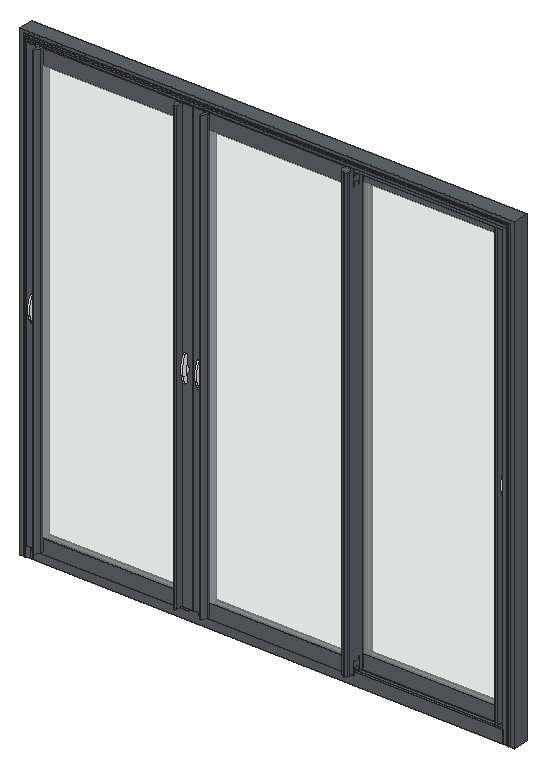
Revit family "Wicslide_65_Glass24_3_leaf_2_track_dependent", category Doors, host Wall, Revit 2014 (continued)
Definition of nested family "Leaf_Wicslide_65_2_leaf_2_track_both_sliding_or_1_fixed_1slide_right"
  Automatic sketch dimensions
    Sweep 1 sketch curve to profile plane = 8.519 mm  (x2)
    Sweep 1 sketch curve to profile plane = 12.6 mm
    Sweep 1 sketch curve to Sweep 1 sketch curve = 6.117 mm
    profile plane to Sweep 1 sketch curve = 12.117 mm
    profile plane to Sweep 1 sketch curve = 12.6 mm
    Sweep 1 sketch curve to Sweep 1 sketch curve = 5.4 mm
    Extrusion 2 sketch curve to plane 6 = 0 mm
    Extrusion 2 sketch curve to plane 7 = 0 mm
    Extrusion 2 sketch curve to plane 9 = 0 mm
    Extrusion 2 sketch curve to plane 8 = 0 mm
    Sweep 3 sketch curve to level = 0 mm
    plane 17 to Sweep 3 sketch curve = 15.663 mm
    profile plane to Sweep 3 sketch curve = 5.306 mm  (x2)
    Sweep 3 sketch curve to plane 18 = 21.6 mm
    plane 18 to Sweep 3 sketch curve = 0.034 mm
    plane 18 to Sweep 3 sketch curve = 12.094 mm
    Sweep 3 sketch curve to Sweep 3 sketch curve = 12.06 mm
    Sweep 3 sketch curve to plane 1 "Center (Front/Back)" = 16.029 mm
    Sweep 3 sketch curve to Sweep 3 sketch curve = 3.512 mm
    Sweep 3 sketch curve to plane 1 "Center (Front/Back)" = 11.883 mm
    plane 1 "Center (Front/Back)" to Sweep 3 sketch curve = 12.117 mm
    plane 1 "Center (Front/Back)" to Sweep 3 sketch curve = 12.671 mm
    Sweep 3 sketch curve to Sweep 3 sketch curve = 4.054 mm
    Sweep 4 sketch curve to plane 4 = 0 mm
    Sweep 4 sketch curve to profile plane = 0 mm
    Sweep 4 sketch curve to plane 1 "Center (Front/Back)" = 18 mm
    Sweep 4 sketch curve to Sweep 4 sketch curve = 5.883 mm
    plane 1 "Center (Front/Back)" to Sweep 4 sketch curve = 11.883 mm
    Sweep 4 sketch curve to Sweep 4 sketch curve = 6.117 mm
    Sweep 4 sketch curve to Sweep 4 sketch curve = 9.453 mm
    profile plane to Sweep 4 sketch curve = 7.023 mm
    Sweep 4 sketch curve to Sweep 4 sketch curve = 12.003 mm  (x2)
    Sweep 4 sketch curve to profile plane = 18.975 mm
    Sweep 5 sketch curve to plane 3 "Center (Left/Right)" = 0 mm
    Sweep 5 sketch curve to plane 1 "Center (Front/Back)" = 18 mm
    profile plane to Sweep 5 sketch curve = 58.1 mm
    Sweep 5 sketch curve to Sweep 5 sketch curve = 10.918 mm
    Sweep 5 sketch curve to Sweep 5 sketch curve = 3.31 mm
    Sweep 5 sketch curve to Sweep 5 sketch curve = 1.085 mm  (x2)
    Sweep 5 sketch curve to Sweep 5 sketch curve = 1.687 mm
    profile plane to Sweep 5 sketch curve = 13.004 mm
    Sweep 5 sketch curve to Sweep 5 sketch curve = 0.954 mm
    Sweep 5 sketch curve to profile plane = 9.9 mm  (x2)
    Sweep 5 sketch curve to plane 1 "Center (Front/Back)" = 12.6 mm
    plane 1 "Center (Front/Back)" to Sweep 5 sketch curve = 12.6 mm
    Sweep 5 sketch curve to Sweep 5 sketch curve = 5.4 mm
    Sweep 5 sketch curve to Sweep 5 sketch curve = 9.59 mm
    Sweep 5 sketch curve to Sweep 5 sketch curve = 9 mm  (x2)
    Sweep 6 sketch curve to plane 3 "Center (Left/Right)" = 0 mm
    Sweep 6 sketch curve to plane 1 "Center (Front/Back)" = 18 mm
    profile plane to Sweep 6 sketch curve = 58.1 mm
    Sweep 6 sketch curve to Sweep 6 sketch curve = 0 mm
    Sweep 6 sketch curve to Sweep 6 sketch curve = 12 mm
    profile plane to Sweep 6 sketch curve = 12.05 mm
    profile plane to Sweep 6 sketch curve = 6.1 mm
    Sweep 6 sketch curve to profile plane = 9.9 mm  (x2)
    Sweep 6 sketch curve to Sweep 6 sketch curve = 5.4 mm  (x2)
    Sweep 6 sketch curve to Sweep 6 sketch curve = 6.117 mm
    plane 1 "Center (Front/Back)" to Sweep 6 sketch curve = 12.117 mm
    plane 1 "Center (Front/Back)" to Sweep 6 sketch curve = 12.6 mm
    Sweep 6 sketch curve to Sweep 6 sketch curve = 25.883 mm
    Sweep 7 sketch curve to plane 3 "Center (Left/Right)" = 0 mm
    profile plane to Sweep 7 sketch curve = 58.1 mm
    Sweep 7 sketch curve to Sweep 7 sketch curve = 0 mm
    Sweep 7 sketch curve to Sweep 7 sketch curve = 11.964 mm
    profile plane to Sweep 7 sketch curve = 12.05 mm
    Sweep 7 sketch curve to profile plane = 9.9 mm  (x2)
    Sweep 7 sketch curve to plane 1 "Center (Front/Back)" = 18 mm
    Sweep 7 sketch curve to Sweep 7 sketch curve = 5.4 mm
    Sweep 7 sketch curve to plane 1 "Center (Front/Back)" = 11.883 mm
    plane 1 "Center (Front/Back)" to Sweep 7 sketch curve = 12.117 mm
    plane 1 "Center (Front/Back)" to Sweep 7 sketch curve = 12.6 mm
    Sweep 7 sketch curve to Sweep 7 sketch curve = 28.4 mm
    Sweep 8 sketch curve to plane 4 = 0 mm
    Sweep 8 sketch curve to profile plane = 0 mm
    profile plane to Sweep 8 sketch curve = 7.45 mm
    Sweep 8 sketch curve to Sweep 8 sketch curve = 5.685 mm
    Sweep 8 sketch curve to Sweep 8 sketch curve = 1.859 mm
    Sweep 8 sketch curve to Sweep 8 sketch curve = 2.985 mm
    profile plane to Sweep 8 sketch curve = 18.975 mm
    Sweep 8 sketch curve to plane 1 "Center (Front/Back)" = 12.015 mm
    Sweep 8 sketch curve to Sweep 8 sketch curve = 10.729 mm
    Sweep 8 sketch curve to profile plane = 7 mm
    Sweep 8 sketch curve to Sweep 8 sketch curve = 12.026 mm  (x2)
    Sweep 8 sketch curve to plane 1 "Center (Front/Back)" = 12.117 mm
    Sweep 8 sketch curve to Sweep 8 sketch curve = 14.623 mm
    Sweep 8 sketch curve to Sweep 8 sketch curve = 20.253 mm
    Sweep 8 sketch curve to Sweep 8 sketch curve = 8.11 mm
    Sweep 8 sketch curve to Sweep 8 sketch curve = 1.002 mm
    plane 1 "Center (Front/Back)" to Sweep 8 sketch curve = 11.883 mm
    Sweep 8 sketch curve to Sweep 8 sketch curve = 6.117 mm
    Sweep 8 sketch curve to Sweep 8 sketch curve = 9.453 mm
    Sweep 9 sketch curve to plane 4 = 0 mm
    Sweep 9 sketch curve to profile plane = 0 mm
    profile plane to Sweep 9 sketch curve = 18.975 mm
    Sweep 9 sketch curve to profile plane = 7.023 mm
    Sweep 9 sketch curve to profile plane = 19.026 mm
    Sweep 9 sketch curve to Sweep 9 sketch curve = 12.003 mm
    Sweep 9 sketch curve to plane 1 "Center (Front/Back)" = 52.8 mm
    Sweep 9 sketch curve to plane 1 "Center (Front/Back)" = 12.117 mm
    plane 1 "Center (Front/Back)" to Sweep 9 sketch curve = 11.883 mm
    Sweep 9 sketch curve to Sweep 9 sketch curve = 6.117 mm
    Sweep 9 sketch curve to Sweep 9 sketch curve = 9.453 mm
    Sweep 10 sketch curve to plane 5 = 0 mm
    plane 20 to Sweep 10 sketch curve = 7.95 mm
    plane 17 to Sweep 10 sketch curve = 15.663 mm
    Sweep 10 sketch curve to plane 1 "Center (Front/Back)" = 16.171 mm
    profile plane to Sweep 10 sketch curve = 57.541 mm
    Sweep 10 sketch curve to Sweep 10 sketch curve = 0 mm
    Sweep 10 sketch curve to Sweep 10 sketch curve = 16.102 mm
    profile plane to Sweep 10 sketch curve = 19.5 mm
    Sweep 10 sketch curve to profile plane = 10.5 mm  (x2)
    Sweep 10 sketch curve to plane 1 "Center (Front/Back)" = 12.671 mm
    Sweep 10 sketch curve to Sweep 10 sketch curve = 4.208 mm
    plane 1 "Center (Front/Back)" to Sweep 10 sketch curve = 12.037 mm
    plane 1 "Center (Front/Back)" to Sweep 10 sketch curve = 12.529 mm
    Sweep 10 sketch curve to Sweep 10 sketch curve = 3.5 mm
    plane 7 to Extrusion 11 sketch curve = 0 mm
    plane 12 to Extrusion 11 sketch curve = 0 mm
    plane 13 to Extrusion 11 sketch curve = 0 mm
    plane 17 to Extrusion 11 sketch curve = 21.502 mm
    plane 7 to Extrusion 12 sketch curve = 0 mm
    plane 12 to Extrusion 12 sketch curve = 0 mm
    plane 13 to Extrusion 12 sketch curve = 0 mm
    plane 17 to Extrusion 12 sketch curve = 25.791 mm
  Nested families
    nested 1: "window_2_pieces_glass_line" at (46.1, -12.117, 0), type "T24"
      with built-in parameter 1001306 2.7654 (stored number, unit not read)
    nested 2: "window_2_pieces_glass_line" at (0, -12.117, 1875.4) x (0, 0, -1) z (1, 0, 0), type "T24"
      with built-in parameter 1001306 6 (stored number, unit not read)
    nested 3: "Sash Verticals_1041260" at (-9.9, 18, 0), visible <- "Sash 1041260", type "Sash Verticals_1041260"
    nested 4: "Sash_horizontal_1041264" at (0, 0, 0) x (0, 1, 0) z (1, 0, 0), type "Sash_horizontal_1041264"
    nested 5: "Sash Verticals_1041261" at (-9.9, 18, 0), visible <- "Sash 1041261", type "Sash Verticals_1041261"
    nested 6: "Sash Verticals_1041262" at (-9.9, 18, 0), visible <- "Sash 1041262", type "Sash Verticals_1041262"
    nested 7: "Sash Verticals_1041263" at (-9.9, 18, 0), visible <- "Sash 1041263", type "Sash Verticals_1041263"
    nested 8: "Sash_lock" at (-9.884, 18, 0), type "Sash_lock"
    nested 9: "wicona_handle_2" at (20, -41, 956.633) x (-1, 0, 0) z (0, 0, 1), type "wicona_handle_2", detail levels medium+fine
    nested 10: "Sash_horizontal_1041264" at (0, 0, 1927.194) x (0, -1, 0) z (1, 0, 0), type "Sash_horizontal_1041264"
    nested 11: "Sash meeting 3041240" at (896, -18, 0), visible <- "Sash meeting 3041240", type "Sash meeting 3041240"
    nested 12: "Sash meeting_3041242" at (896, -18, 0), visible <- "Sash meeting 3041242", type "Sash meeting_3041242"
    nested 13: "Sash meeting_3041241" at (896, -18, 0), visible <- "Sash meeting 3041241", type "Sash meeting_3041241"
    nested 14: "wicona_handle_2d" at (20, -41, 0), type "wicona_handle_2d"
  Definition of nested family "wicona_handle_2"
    Parameters (values of type "wicona_handle_2")
      Leaf Thickness = 119.445 mm
      Handle Material = Aluminium
    Reference planes
      plane 1 "Center (Front/Back)": y = 0
      plane 2: z = 0
      plane 3 "Center (Left/Right)": x = 0
      plane 4: x = -12.5
      plane 5: x = 12.5
      plane 6: y = -25
    Forms (mm)
      Extrusion 1, solid, material "Aluminium" <- "Handle Material"
        sketch origin (0, 0, 0) x (1, 0, 0) y (0, 0, 1)
          loop
            line (0, 24.936) -> (0, -24.936)
            arc (0, -24.936) -> (9.865, 0) -> (0, 24.936) r 36.45
        from 0 to 7.131
      Extrusion 2, solid, material "Aluminium" <- "Handle Material"
        sketch origin (0, 0, 0) x (0, 1, 0) y (0, 0, 1)
          loop
            line (0, 61.209) -> (-11.38, 61.209)
            arc (-11.38, 61.209) -> (-25.13, 4.31) -> (-11.38, -52.589) r 124.599
            line (-11.38, -52.589) -> (0, -52.589) -> (0, 61.209)
        from -4.798 to 4.287
      Extrusion 3, solid, material "Aluminium" <- "Handle Material"
        sketch origin (-0.471, 0, 3.281) x (0.788011, 0, 0.615661) y (-0.615661, 0, 0.788011)
          loop
            line (-12.5, 3.457) -> (-12.5, -1.543) -> (2.5, -1.543) -> (2.5, 3.457) -> (-12.5, 3.457)
        from 0 to 7.131
    Dimensions and locks
      aligned and locked: level to plane 2
  Definition of nested family "window_2_pieces_glass_line"
    Parameters (values of type "T24")
      v1 = 5 mm
      line = 10 mm
      built-in parameter 1001306 [instance] = 1200 mm
      Glass Thickness = 24 mm
    Reference planes
      plane 1 "Center (Front/Back)": y = 0
      plane 2: z = 0
      plane 3 "Left": x = 0
      plane 4 "Right": x = 1200
      plane 5: y = 24
      plane 6: y = 5
      plane 7: y = 19
      plane 8: x = 10
      plane 9: x = 1190
    Lines and regions (mm)
      reference lines, in view "Ref. Level"
        curve 1: line (0, 0, 0) -> (1200, 0, 0)
      detail lines, in view "Ref. Level", detail levels medium+fine
        curve 2: line (0, 24, 0) -> (1200, 24, 0)
        curve 3: line (0, 0, 0) -> (1200, 0, 0)
      detail lines, in view "Ref. Level", detail levels fine
        curve 4: line (0, 19, 0) -> (1200, 19, 0)
        curve 5: line (0, 5, 0) -> (1200, 5, 0)
      model lines, style "DetailComponents", in view "Ref. Level", detail levels fine
        curve 6: line (10, 19, 0) -> (10, 5, 0)
      detail lines, style "DetailComponents", in view "Ref. Level", detail levels fine
        curve 7: line (1190, 19, 0) -> (1190, 5, 0)
      model lines, style "DetailComponents", in view "Ref. Level", detail levels medium+fine
        curve 8: line (1200, 24, 0) -> (1200, 0, 0)
      detail lines, style "DetailComponents", in view "Ref. Level", detail levels medium+fine
        curve 9: line (0, 24, 0) -> (0, 0, 0)
    Dimensions and locks
      "built-in parameter 1001306": plane 3 "Left" to plane 4 "Right"
      "Glass Thickness": plane 5 to plane 1 "Center (Front/Back)"
      plane 5 to plane 1 "Center (Front/Back)" = 24 mm
      "v1": plane 5 to plane 7
      "v1": plane 6 to plane 1 "Center (Front/Back)"
      "line": plane 3 "Left" to plane 8
      "line": plane 9 to plane 4 "Right"
      aligned and locked: plane 1 "Center (Front/Back)" to curve 1
      aligned and locked: plane 3 "Left" to curve 1
      aligned and locked: plane 4 "Right" to curve 1
      aligned and locked: plane 5 to curve 2
      aligned and locked: plane 7 to curve 4
      aligned and locked: plane 6 to curve 5
      aligned and locked: curve 5 to curve 6
      aligned and locked: curve 6 to plane 8
      aligned and locked: curve 5 to curve 7
      aligned and locked: curve 7 to plane 9
      aligned and locked: plane 1 "Center (Front/Back)" to curve 9
      aligned and locked: curve 9 to plane 3 "Left"
      aligned and locked: curve 2 to curve 8
      aligned and locked: curve 3 to curve 8
      aligned and locked: curve 8 to plane 4 "Right"
      aligned and locked: curve 4 to curve 7
      aligned and locked: curve 4 to curve 6
    Automatic sketch dimensions
      curve 5 to plane 4 "Right" = 0 mm
      curve 4 to plane 4 "Right" = 0 mm
      curve 3 to plane 4 "Right" = 0 mm
      curve 2 to plane 4 "Right" = 0 mm
  Definition of nested family "Sash Verticals_1041260"
    Reference planes
      plane 1 "Center (Front/Back)": y = 0
      plane 2: z = 0
      plane 3 "Center (Left/Right)": x = 0
      plane 4: y = -36
      plane 5: y = -18
    Lines and regions (mm)
      Filled region 1, type "Concrete", in view "Ref. Level", detail levels medium
        outline origin (18.997, 3.58, 0) x (1, 0, 0) y (0, 1, 0)
          loop
            line (-18.997, -3.58) -> (-18.997, -39.58) -> (49.003, -39.58) -> (49.003, -33.697) -> (37.039, -33.697) -> (37.039, -9.697) -> (49.003, -9.697) -> (49.003, -3.58) -> (-18.997, -3.58)
      model lines, style "GLAS", in view "Ref. Level", detail levels fine
        curve 1: line (96.036, -6.117, 0) -> (56.036, -6.117, 0)
        curve 2: line (56.036, -6.117, 0) -> (56.036, -30.117, 0)
        curve 3: line (56.036, -30.117, 0) -> (96.036, -30.117, 0)
  Definition of nested family "Sash_horizontal_1041264"
    Reference planes
      plane 1 "Center (Front/Back)": y = 0
      plane 2: z = 0
      plane 3 "Center (Left/Right)": x = 0
    Lines and regions (mm)
      Filled region 1, type "Concrete", in view "Ref. Level", detail levels medium
        outline origin (18.997, 3.58, 0) x (1, 0, 0) y (0, 1, 0)
          loop
            line (-35.168, -8.845) -> (-2.968, -8.845) -> (-2.968, 59.155) -> (-6.959, 59.155) -> (-6.959, 43.054) -> (-30.959, 43.054) -> (-30.959, 59.155) -> (-35.168, 59.155) -> (-35.168, -8.845)
      detail lines, style "GLAS", in view "Ref. Level", detail levels fine
        curve 1: line (-11.963, 46.634, 0) -> (-11.963, 86.634, 0)
        curve 2: line (12.037, 86.634, 0) -> (12.037, 46.634, 0)
        curve 26: line (-11.963, 86.634, 0) -> (-11.963, 46.634, 0)
        curve 27: line (-11.963, 46.634, 0) -> (12.037, 46.634, 0)
        curve 28: line (12.037, 46.634, 0) -> (12.037, 86.634, 0)
      detail lines, style "CENT3", in view "Ref. Level", not visible
        curve 3: line (123.517, -4.599, 0) -> (123.517, -38.599, 0)
      detail lines, style "GLAS", in view "Ref. Level", not visible
        curve 4: line (83.517, -9.599, 0) -> (123.517, -9.599, 0)
        curve 5: line (123.517, -9.599, 0) -> (123.517, -14.599, 0)
        curve 6: line (123.517, -14.599, 0) -> (83.517, -14.599, 0)
        curve 7: line (83.517, -14.599, 0) -> (83.517, -9.599, 0)
        curve 8: line (83.517, -28.599, 0) -> (123.517, -28.599, 0)
        curve 9: line (123.517, -28.599, 0) -> (123.517, -33.599, 0)
        curve 10: line (123.517, -33.599, 0) -> (83.517, -33.599, 0)
        curve 11: line (83.517, -33.599, 0) -> (83.517, -28.599, 0)
        curve 12: line (83.517, -10.599, 0) -> (123.517, -10.599, 0)
        curve 13: line (83.517, -11.599, 0) -> (123.517, -11.599, 0)
        curve 14: line (83.517, -12.599, 0) -> (123.517, -12.599, 0)
        curve 15: line (83.517, -13.599, 0) -> (123.517, -13.599, 0)
        curve 16: line (83.517, -14.599, 0) -> (123.517, -14.599, 0)
        curve 17: line (93.517, -14.599, 0) -> (93.517, -28.599, 0)
        curve 18: line (83.517, -28.599, 0) -> (123.517, -28.599, 0)
        curve 19: line (83.517, -29.599, 0) -> (123.517, -29.599, 0)
        curve 20: line (83.517, -30.599, 0) -> (123.517, -30.599, 0)
        curve 21: line (83.517, -31.599, 0) -> (123.517, -31.599, 0)
        curve 22: line (83.517, -32.599, 0) -> (123.517, -32.599, 0)
        curve 23: line (123.517, -9.599, 0) -> (83.517, -9.599, 0)
        curve 24: line (83.517, -9.599, 0) -> (83.517, -33.599, 0)
        curve 25: line (83.517, -33.599, 0) -> (123.517, -33.599, 0)
      detail lines, style "GLAS", in view "Ref. Level", not visible, detail levels fine
        curve 29: line (56.036, -6.117, 0) -> (96.036, -6.117, 0)
        curve 30: line (96.036, -30.117, 0) -> (56.036, -30.117, 0)
        curve 31: line (96.036, -6.117, 0) -> (56.036, -6.117, 0)
        curve 32: line (56.036, -6.117, 0) -> (56.036, -30.117, 0)
        curve 33: line (56.036, -30.117, 0) -> (96.036, -30.117, 0)
  Definition of nested family "Sash Verticals_1041261"
    Reference planes
      plane 1 "Center (Front/Back)": y = 0
      plane 2: z = 0
      plane 3 "Center (Left/Right)": x = 0
      plane 4: y = -36
      plane 5: y = -18
    Lines and regions (mm)
      Filled region 1, type "Concrete", in view "Ref. Level", detail levels medium
        outline origin (18.997, 3.58, 0) x (1, 0, 0) y (0, 1, 0)
          loop
            line (-18.997, -3.58) -> (-18.997, -62.58) -> (49.003, -62.58) -> (49.003, -33.697) -> (37.039, -33.697) -> (37.039, -9.697) -> (49.003, -9.697) -> (49.003, -3.58) -> (-18.997, -3.58)
      model lines, style "GLAS", in view "Ref. Level", detail levels fine
        curve 1: line (96.036, -6.117, 0) -> (56.036, -6.117, 0)
        curve 2: line (56.036, -6.117, 0) -> (56.036, -30.117, 0)
        curve 3: line (56.036, -30.117, 0) -> (96.036, -30.117, 0)
  Definition of nested family "Sash Verticals_1041262"
    Reference planes
      plane 1 "Center (Front/Back)": y = 0
      plane 2: z = 0
      plane 3 "Center (Left/Right)": x = 0
      plane 4: y = -36
      plane 5: y = -18
    Lines and regions (mm)
      Filled region 1, type "Concrete", in view "Ref. Level", detail levels medium
        outline origin (18.997, 3.58, 0) x (1, 0, 0) y (0, 1, 0)
          loop
            line (-18.997, -3.58) -> (-18.997, -39.58) -> (-2.997, -39.58) -> (-2.997, -59.58) -> (49.003, -59.58) -> (49.003, -33.697) -> (37.039, -33.697) -> (37.039, -9.697) -> (49.003, -9.697) -> (49.003, -3.58) -> (-18.997, -3.58)
      model lines, style "GLAS", in view "Ref. Level", detail levels fine
        curve 1: line (96.036, -6.117, 0) -> (56.036, -6.117, 0)
        curve 2: line (56.036, -6.117, 0) -> (56.036, -30.117, 0)
        curve 3: line (56.036, -30.117, 0) -> (96.036, -30.117, 0)
  Definition of nested family "Sash Verticals_1041263"
    Reference planes
      plane 1 "Center (Front/Back)": y = 0
      plane 2: z = 0
      plane 3 "Center (Left/Right)": x = 0
      plane 4: y = -36
      plane 5: y = -18
    Lines and regions (mm)
      Filled region 1, type "Concrete", in view "Ref. Level", detail levels medium
        outline origin (18.997, 3.58, 0) x (1, 0, 0) y (0, 1, 0)
          loop
            line (-18.997, -3.58) -> (-18.997, -39.58) -> (32.003, -39.58) -> (32.003, -64.58) -> (33.69, -72.495) -> (34.775, -73.58) -> (38.085, -73.58)
            arc (38.085, -73.58) -> (45.468, -61.921) -> (49.003, -48.58) r 45.352
            line (49.003, -48.58) -> (49.003, -33.697) -> (37.039, -33.697) -> (37.039, -9.697) -> (49.003, -9.697) -> (49.003, -3.58) -> (-18.997, -3.58)
      model lines, style "GLAS", in view "Ref. Level", detail levels fine
        curve 1: line (96.036, -6.117, 0) -> (56.036, -6.117, 0)
        curve 2: line (56.036, -6.117, 0) -> (56.036, -30.117, 0)
        curve 3: line (56.036, -30.117, 0) -> (96.036, -30.117, 0)
  Definition of nested family "Sash_lock"
    Reference planes
      plane 1 "Center (Front/Back)": y = 0
      plane 2: z = 0
      plane 3 "Center (Left/Right)": x = 0
      plane 4: y = -36
      plane 5: y = -18
  Definition of nested family "Sash meeting 3041240"
    Reference planes
      plane 1 "Center (Front/Back)": y = 0
      plane 2: z = 0
      plane 3 "Center (Left/Right)": x = 0
      plane 4: y = -36
      plane 5: y = -18
      plane 6: x = 18.975
    Lines and regions (mm)
      Filled region 1, type "Concrete", in view "Ref. Level", detail levels medium
        outline origin (18.997, 3.58, 0) x (1, 0, 0) y (0, 1, 0)
          loop
            line (-0.022, -39.58) -> (-0.022, 5.873) -> (-18.997, 5.873) -> (-18.997, -3.58) -> (-38.023, -3.58) -> (-38.023, -9.697) -> (-26.02, -9.697) -> (-26.02, -33.697) -> (-38.023, -33.697) -> (-38.023, -39.58) -> (-0.022, -39.58)
      detail lines, style "GLAS", in view "Ref. Level", detail levels fine
        curve 1: line (-7.023, -6.117, 0) -> (-7.023, -30.117, 0)
  Definition of nested family "Sash meeting_3041242"
    Reference planes
      plane 1 "Center (Front/Back)": y = 0
      plane 2: z = 0
      plane 3 "Center (Left/Right)": x = 0
      plane 4: y = -36
      plane 5: y = -18
      plane 6: x = 18.975
    Lines and regions (mm)
      Filled region 1, type "Concrete", in view "Ref. Level", detail levels medium
        outline origin (18.997, 3.58, 0) x (1, 0, 0) y (0, 1, 0)
          loop
            line (-0.022, -59.127) -> (-0.022, 5.873) -> (-18.997, 5.873) -> (-18.997, -3.58) -> (-38.023, -3.58) -> (-38.023, -9.697) -> (-26.02, -9.697) -> (-26.02, -33.697) -> (-38.023, -33.697) -> (-38.023, -48.32)
            arc (-38.023, -48.32) -> (-28.034, -66.62) -> (-11.546, -79.38) r 50.906
            line (-11.546, -79.38) -> (-5.862, -79.38) -> (-4.003, -78.378) -> (-1.018, -67.237) -> (-0.022, -59.127)
      detail lines, style "GLAS", in view "Ref. Level", detail levels fine
        curve 1: line (-7.023, -6.117, 0) -> (-7.023, -30.117, 0)
  Definition of nested family "Sash meeting_3041241"
    Reference planes
      plane 1 "Center (Front/Back)": y = 0
      plane 2: z = 0
      plane 3 "Center (Left/Right)": x = 0
      plane 4: y = -36
      plane 5: y = -18
      plane 6: x = 18.975
    Lines and regions (mm)
      Filled region 1, type "Concrete", in view "Ref. Level", detail levels medium
        outline origin (18.997, 3.58, 0) x (1, 0, 0) y (0, 1, 0)
          loop
            line (-0.022, -74.38) -> (-0.022, 5.873) -> (-18.997, 5.873) -> (-18.997, -3.58) -> (-38.023, -3.58) -> (-38.023, -9.697) -> (-26.02, -9.697) -> (-26.02, -33.697) -> (-38.023, -33.697) -> (-38.023, -74.38) -> (-0.022, -74.38)
      detail lines, style "GLAS", in view "Ref. Level", detail levels fine
        curve 1: line (-7.023, -6.117, 0) -> (-7.023, -30.117, 0)
  Definition of nested family "wicona_handle_2d"
    Reference planes
      plane 1 "Center (Front/Back)": y = 0
      plane 2: z = 0
      plane 3 "Center (Left/Right)": x = 0
    Lines and regions (mm)
      Filled region 1, type "Concrete", in view "Ref. Level", detail levels medium
        outline origin (18.997, 3.58, 0) x (1, 0, 0) y (0, 1, 0)
          loop
            line (-32.997, -3.58) -> (-32.997, -9.933) -> (-24.997, -13.663) -> (-24.997, -27.833) -> (-22.937, -29.893) -> (-14.406, -29.893) -> (-13.407, -28.894) -> (-12.884, -13.903) -> (-10.056, -13.145) -> (-10.056, -16.127) -> (-7.132, -23.016) -> (0.376, -23.016) -> (1.978, -21.414) -> (0.932, -15.482) -> (-2.662, -8.313) -> (-7.394, -3.58) -> (-32.997, -3.58)
      model lines, style "PIECES", in view "Ref. Level", detail levels fine
        curve 1: arc (14, -1.6, 0) -> (13.707, -0.893, 0) -> (13, -0.6, 0) r 1
        curve 2: arc (6.221, -10.26, 0) -> (7.596, -9.888, 0) -> (8.949, -9.443, 0) r 26.5
        curve 3: arc (-13.393, -7.367, 0) -> (-9.913, -9.076, 0) -> (-6.221, -10.26, 0) r 26.5
        curve 4: arc (11.211, -7.242, 0) -> (11.535, -6.913, 0) -> (11.677, -6.473, 0) r 1
        curve 5: line (11.793, -0.6, 0) -> (12.052, -0.6, 0)
        curve 6: line (12.052, -0.6, 0) -> (13, -0.6, 0)
        curve 7: line (8.949, -12.262, 0) -> (8.949, -8.492, 0)
        curve 8: line (-4.591, -26.312, 0) -> (4.591, -26.312, 0)
        curve 9: line (-5.814, -25, 0) -> (-6.068, -10.451, 0)
        curve 10: line (-6.068, -10.451, 0) -> (-6.221, -10.26, 0)
        curve 11: line (5.815, -24.927, 0) -> (6.068, -10.451, 0)
        curve 12: line (6.068, -10.451, 0) -> (6.221, -10.26, 0)
        curve 13: line (11.211, -7.242, 0) -> (10.341, -7.762, 0)
        curve 14: line (10.341, -7.762, 0) -> (9.463, -8.24, 0)
        curve 15: line (9.463, -8.24, 0) -> (8.565, -8.68, 0)
        curve 16: line (8.565, -8.68, 0) -> (7.649, -9.083, 0)
        curve 17: line (7.505, -9.142, 0) -> (7.006, -9.364, 0)
        curve 18: line (-13.393, -7.367, 0) -> (-13.886, -6.543, 0)
        curve 19: line (-13.886, -6.543, 0) -> (-14, 0, 0)
        curve 20: line (-14, 0, 0) -> (11.805, 0, 0)
        curve 21: line (11.805, 0, 0) -> (11.786, -1, 0)
        curve 22: line (11.786, -1, 0) -> (11.766, -2, 0)
        curve 23: line (11.766, -2, 0) -> (11.747, -2.999, 0)
        curve 24: line (11.747, -2.999, 0) -> (11.727, -3.999, 0)
        curve 25: line (11.727, -3.999, 0) -> (11.708, -4.999, 0)
        curve 26: line (11.708, -4.999, 0) -> (11.688, -5.999, 0)
        curve 27: line (11.688, -5.999, 0) -> (11.68, -6.413, 0)
        curve 28: line (12.793, -0.754, 0) -> (13.413, -1.137, 0)
        curve 29: line (13.413, -1.137, 0) -> (14.151, -1.812, 0)
        curve 30: line (14.151, -1.812, 0) -> (14.853, -2.523, 0)
        curve 31: line (14.853, -2.523, 0) -> (15.519, -3.269, 0)
        curve 32: line (15.519, -3.269, 0) -> (16.149, -4.046, 0)
        curve 33: line (16.149, -4.046, 0) -> (16.743, -4.851, 0)
        curve 34: line (16.743, -4.851, 0) -> (17.301, -5.68, 0)
        curve 35: line (17.301, -5.68, 0) -> (17.61, -6.174, 0)
        curve 36: line (12.052, -0.6, 0) -> (12.765, -0.743, 0)
        curve 37: line (17.643, -6.231, 0) -> (18.091, -7.125, 0)
        curve 38: line (18.091, -7.125, 0) -> (18.508, -8.034, 0)
        curve 39: line (18.508, -8.034, 0) -> (18.897, -8.955, 0)
        curve 40: line (18.897, -8.955, 0) -> (19.257, -9.888, 0)
        curve 41: line (19.257, -9.888, 0) -> (19.59, -10.831, 0)
        curve 42: line (19.59, -10.831, 0) -> (19.895, -11.783, 0)
        curve 43: line (19.895, -11.783, 0) -> (20.172, -12.744, 0)
        curve 44: line (20.172, -12.744, 0) -> (20.422, -13.712, 0)
        curve 45: line (20.422, -13.712, 0) -> (20.645, -14.687, 0)
        curve 46: line (20.645, -14.687, 0) -> (20.841, -15.667, 0)
        curve 47: line (20.841, -15.667, 0) -> (21.011, -16.653, 0)
        curve 48: line (21.011, -16.653, 0) -> (21.043, -16.863, 0)
        curve 49: line (21.043, -16.863, 0) -> (20.974, -17.852, 0)
        curve 50: line (20.974, -17.852, 0) -> (20.702, -18.43, 0)
        curve 51: line (20.702, -18.43, 0) -> (20.014, -19.149, 0)
        curve 52: line (20.014, -19.149, 0) -> (19.107, -19.554, 0)
        curve 53: line (19.107, -19.554, 0) -> (18.664, -19.6, 0)
        curve 54: line (18.664, -19.6, 0) -> (16.934, -19.6, 0)
        curve 55: line (16.934, -19.6, 0) -> (15.934, -19.6, 0)
        curve 56: line (15.934, -19.6, 0) -> (14.934, -19.6, 0)
        curve 57: line (14.934, -19.6, 0) -> (13.934, -19.6, 0)
        curve 58: line (13.934, -19.6, 0) -> (13.413, -19.6, 0)
        curve 59: line (13.413, -19.6, 0) -> (12.446, -19.377, 0)
        curve 60: line (12.446, -19.377, 0) -> (11.651, -18.781, 0)
        curve 61: line (11.651, -18.781, 0) -> (11.243, -18.216, 0)
        curve 62: line (11.243, -18.216, 0) -> (10.768, -17.336, 0)
        curve 63: line (10.768, -17.336, 0) -> (10.324, -16.441, 0)
        curve 64: line (10.324, -16.441, 0) -> (9.909, -15.531, 0)
        curve 65: line (9.909, -15.531, 0) -> (9.525, -14.608, 0)
        curve 66: line (9.525, -14.608, 0) -> (9.171, -13.672, 0)
        curve 67: line (9.162, -13.647, 0) -> (8.966, -12.67, 0)
        curve 68: line (8.963, -12.62, 0) -> (8.951, -12.312, 0)
        curve 69: arc (-5.814, -25, 0) -> (-5.429, -25.928, 0) -> (-4.501, -26.312, 0) r 1.312
        curve 70: arc (4.591, -26.312, 0) -> (5.454, -25.955, 0) -> (5.812, -25.091, 0) r 1.221
Definition of nested family "Frame_1041231"
  Reference planes
    plane 1 "Center (Front/Back)": y = 0
    plane 2: z = 0
    plane 3 "Center (Left/Right)": x = 0
  Lines and regions (mm)
    Filled region 1, type "Concrete", in view "Ref. Level", detail levels medium
      outline origin (18.997, 3.58, 0) x (1, 0, 0) y (0, 1, 0)
        loop
          line (-18.997, -3.58) -> (-18.997, -68.58) -> (28.505, -68.58) -> (28.505, -56.58) -> (9.034, -56.58) -> (9.034, -15.58) -> (28.505, -15.58) -> (28.505, -3.58) -> (-18.997, -3.58)
Definition of nested family "Frame_1041226"
  Reference planes
    plane 1 "Center (Front/Back)": y = 0
    plane 2: z = 0
    plane 3 "Center (Left/Right)": x = 0
    plane 4: y = -65
  Lines and regions (mm)
    Filled region 1, type "Concrete", in view "Ref. Level", detail levels medium
      outline origin (18.997, 3.58, 0) x (1, 0, 0) y (0, 1, 0)
        loop
          line (-18.997, -3.58) -> (-18.997, -68.58) -> (-2.997, -68.58) -> (-2.997, -63.512) -> (-1.065, -61.58) -> (3.709, -61.58) -> (3.709, -70.58) -> (9.471, -70.58) -> (22.099, -68.58) -> (35.503, -68.58) -> (35.503, -56.58) -> (16.07, -56.58) -> (16.07, -15.58) -> (35.503, -15.58) -> (35.503, -3.58) -> (-18.997, -3.58)
Definition of nested family "Frame_Bottom_1041232"
  Reference planes
    plane 1 "Center (Front/Back)": y = 0
    plane 2: z = 0
    plane 3 "Center (Left/Right)": x = 0
    plane 4: y = -65
  Lines and regions (mm)
    Filled region 1, type "Concrete", in view "Ref. Level", detail levels medium
      outline origin (18.997, -68.58, 0) x (0, -1, 0) y (1, 0, 0)
        loop
          line (19.42, 13.237) -> (19.42, 28.505) -> (-15.58, 28.505) -> (-15.58, 9.034) -> (-56.58, 9.034) -> (-56.58, 28.505) -> (-68.58, 28.505) -> (-68.58, -18.997) -> (-3.58, -18.997) -> (-3.58, -2.747) -> (10.554, -2.747)
          arc (10.554, -2.747) -> (15.822, 4.781) -> (19.42, 13.237) r 44.207
Definition of nested family "Seal"
  Reference planes
    plane 1 "Center (Front/Back)": y = 0
    plane 2: z = 0
    plane 3 "Center (Left/Right)": x = 0
Definition of nested family "sliding door_coarse"
  Parameters (values of type "52")
    line = 52 mm
    built-in parameter 1001306 [instance] = 1400 mm
    Glass Thickness = 52 mm
  Types (4, lengths in mm): name | line | built-in parameter 1001306 | Glass Thickness
    36 | 36 | 1200 | 36
    40 | 40 | 1200 | 40
    44 | 44 | 1400 | 44
    52 | 52 | 1400 | 52
  Reference planes
    plane 1 "Center (Front/Back)": y = 0
    plane 2: z = 0
    plane 3 "Left": x = 0
    plane 4 "Right": x = 1400
    plane 5: y = 26
    plane 6: y = -26
    plane 7: x = 52
    plane 8: x = 1348
  Lines and regions (mm)
    reference lines, in view "Ref. Level"
      curve 1: line (52, 0, 0) -> (1348, 0, 0)
    detail lines, in view "Ref. Level", detail levels coarse
      curve 2: line (0, 26, 0) -> (1400, 26, 0)
      curve 3: line (0, -26, 0) -> (1400, -26, 0)
      curve 4: line (52, 0, 0) -> (1348, 0, 0)
    model lines, style "DetailComponents", in view "Ref. Level", detail levels coarse
      curve 5: line (1400, 26, 0) -> (1400, -26, 0)
    detail lines, style "DetailComponents", in view "Ref. Level", detail levels coarse
      curve 6: line (0, 26, 0) -> (0, -26, 0)
      curve 7: line (52, 26, 0) -> (52, -26, 0)
      curve 8: line (1348, 26, 0) -> (1348, -26, 0)
  Dimensions and locks
    "built-in parameter 1001306": plane 3 "Left" to plane 4 "Right"
    "line": plane 3 "Left" to plane 7
    "line": plane 8 to plane 4 "Right"
    "Glass Thickness": plane 5 to plane 6
    equal spacing: plane 5, plane 1 "Center (Front/Back)", plane 6
    aligned and locked: plane 1 "Center (Front/Back)" to curve 1
    aligned and locked: plane 5 to curve 2
    aligned and locked: curve 6 to plane 3 "Left"
    aligned and locked: curve 2 to curve 5
    aligned and locked: curve 3 to curve 5
    aligned and locked: curve 5 to plane 4 "Right"
    aligned and locked: curve 7 to plane 7
    aligned and locked: curve 8 to plane 5
    aligned and locked: curve 8 to plane 8
    aligned and locked: plane 7 to curve 4
    aligned and locked: plane 8 to curve 4
    aligned and locked: plane 6 to curve 3
    aligned and locked: curve 1 to curve 4
  Automatic sketch dimensions
    curve 3 to plane 4 "Right" = 0 mm
    curve 2 to plane 4 "Right" = 0 mm
    curve 1 to plane 8 = 0 mm
    curve 1 to plane 7 = 0 mm
